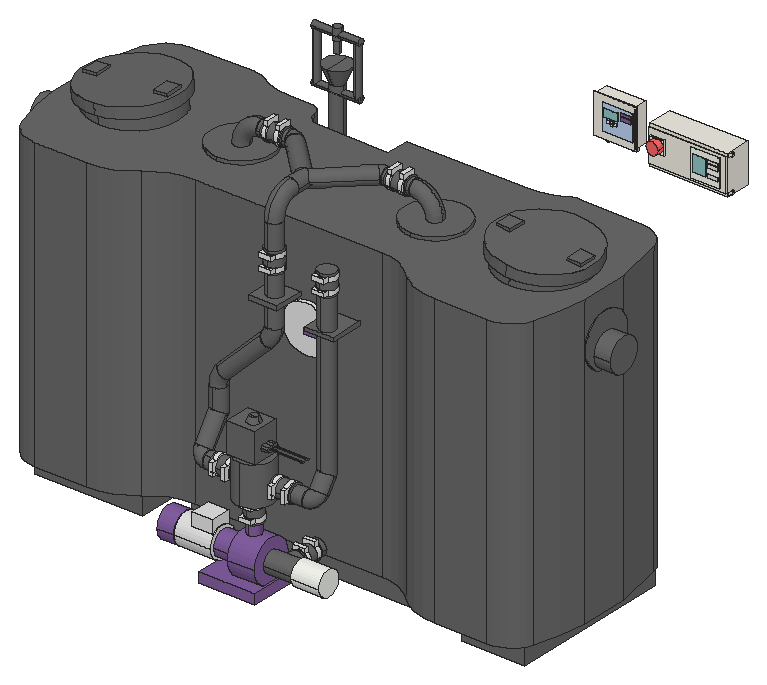
Revit family "93010.02_pvs 0", category Generic Models, Revit 2021
Family settings
  Can host rebar = No
  Round Connector Dimension = Use Diameter
  Part Type = Normal
  Work Plane-Based = No
  Always vertical = Yes
  Cut with Voids When Loaded = No
  Shared = Yes
  Room Calculation Point = No
Parameters (values of type "93010.02_PVS")
  SUPPLIER = "KESSEL"
  SA810ID06 = "4026092065105"
  SA810ID03 = "93010.02/PVS"
  SA71009ID06 = 3000 W
  SA71009ID05 = 3600 W
  SA71009ID04 = 1
  SA700ID17 = 1255 mm
  SA700ID14 = "ohne Angabe"
  SA700ID13 = 70 mm
  SA700ID09 = 1678 mm
  SA700ID08 = 940 mm
  SA700ID07 = 2590 mm
  SA700ID06 = 1000
  SA700ID05 = 10
  SA700ID04 = "Grease separator EasyClean free NS 10, Auto Mix & Pump, SonicControl"
  SA500ID03 = "Sludge trap, integrated"
  SA400ID03 = "PE (Polyethylen)"
  SA250ID03 = "temperierte Umhausung"
  SA200ID03 = "free-standing set-up"
  SA100ID04 = "Abscheideranlage für Fette (Schlammfang und Fettabscheider)"
  PROCUREWEBLINK = "https://p.caden.as/kessel/93010.02%2FPVS"
  PROCURELINK = "p.caden.as/kessel/93010.02%2FPVS"
  PROCUREDATALASTUPDATE = "2024-05-22T12:18:19.111183733+01:00"
  PRC_SPECIFICATIONLINK = "https://ausschreiben.de/catalog/kessel/catalogItem/6c2bda8d-30a5-4477-9d81-c278bfe74b06"
  NN = "EasyClean, Auto Mix & Pump grease separator"
  NBSYN = "$SA810ID03. $LODLEVEL."
  NB = "93010.02/PVS 0"
  Model = "93010.02/PVS"
  Manufacturer = "KESSEL"
  MIdent = "{$CADENAS_DATA/23d-libs/kessel/kessel_vdi_import/40/abscheideranlage20fuer20fette/easyclean_free_auto_mix_pump.prj},231 {STYP=ASS},{VTYP=3D},{NB=93010.02/PVS 0},{LINA=93010.02/PVS},{NN=EasyClean, Auto Mix & Pump grease separator},{DATE=20.12.2022 10:10:54},{GEOMDATE=17.11.2022 09:57:06},{VERSION=},{LINEID=100},{WBVAR=LODLEVEL},{WBNUMERIC=LODLEVEL}  {NB=93010.02/PVS 0},{LINA=93010.02/PVS},{KT=DUMMY},{PREVIEW=../../bilder/ksb_w_9301002pvs.png},{SA700ID04=Fettabscheider EasyClean free NS 10, Auto Mix & Pump, SonicControl},{SA810ID06=4026092065105},{SA010ID04=KESSEL AG},{SA810ID03=93010.02/PVS},{SA100ID04=Abscheideranlage für Fette (Schlammfang und Fettabscheider)},{SA200ID03=Freiaufstellung},{SA400ID03=PE (Polyethylen)},{SA500ID03=Schlammfang integriert},{SA700ID05=10.00},{SA700ID06=1000},{SA71009ID04=1},{SA71009ID05=3.60},{SA71009ID06=3.00},{SA250ID03=temperierte Umhausung},{SA700ID07=2590},{SA700ID09=1678},{SA700ID13=70},{SA700ID17=1255},{SA700ID08=940},{SA810ID10=\\\"Der Abscheider für fetthaltiges Abwasser ist für die freie Aufstellung in frostgeschützten Räumen geeignet und verzichtet auf metallische Bauteile im Behälter. Der Sammelbehälter aus dauerhaft beständigem Kunststoff (PE) ist mit einem integrierten Schlammfang ausgestattet und besitzt ein konisch zulaufendes Bodenteil für eine schnelle und saubere Entsorgung. Zwei geruchsdichte Deckel mit Schnellspannverschlüssen ermöglichen einen einfachen Zugang für Reinigungs- und Wartungsarbeiten.Das innovative Schredder-Mix-System mit integriertem Zerhacker übernimmt die Homogenisierung und Umwälzung des Behälterinhaltes. Die Reinigung und geruchsneutrale Entsorgung erfolgt dabei über eine außenliegende Pumpe mit 2-Wege-Ventil und Stellmotor, die mit einem Absperrschieber vom Behälter getrennt werden kann.Der vollautomatische Programmablauf wird durch ein anwenderfreundliches Schaltgerät mit mehrzeiliger Displayanzeige gesteuert, das über einen potentialfreien Kontakt in die Gebäudeleittechnik eingebunden werden kann. Über eine optional erhältliche Fernbedienung kann die Reinigung und Entsorgung von einer entfernten Stelle aus gestartet werden.Durch das individualisierbare Reinigungsprogramm mit Schnellwahlfunktion kann die Reinigung bedarfsgerecht an die örtlichen Gegebenheiten angepasst werden. Nach der Entsorgung sind nur noch max. 3 Liter Schlammrestvolumen im Behälter vorhanden. Mithilfe einer vollautomatisierten Spülung der Trinkwasserleitungen kann die Einhaltung der Trinkwasser-Hygiene-Verordnung gewährleistet werden.Gewährleistung auf den Werkstoff PE 20 Jahre.Ausführung:Absperreinrichtung: jaEntsorgungsart: automatisches Entsorgungs- und ReinigungssystemEntsorgungseinrichtung: EntsorgungspumpeEntsorgungsvariante: Auto Mix & PumpFülleinrichtung nach DIN 1988: jaNenngröße (NS): 10Schauglas: jaSchredder-Mix-System: jaSonicControl: jaWasserversorgung: 2 Magnetventile 1\\\"\\\"Tragfähigkeit (DIN 19901): F3Lieferumfang: Storz-B-Kupplung R 2 1/2 \\\"\\\" für SaugwagenanschlussEinbausituation: freie AufstellungAllgemeine Merkmale:Material: PENorm: EN 1825: 2004, DIN 4040-100Abmessungen:Aufstellfläche Länge: 2.822 mmAufstellfläche Breite: 1.108 mmAufstellfläche Höhe: 1.932 mmEinbringmaß Länge: 2.590 mmEinbringmaß Breite: 940 mmEinbringmaß Höhe: 1.678 mmBehälter/Grundkörper:Zulauf Nennweite (DN): 150 mmZulauf Nennweite (DA): 160 mmAuslauf Nennweite (DN): 150Auslauf Nennweite (DA): 160Abstand Rohrsohle Zulauf zu Behälterboden: 1.255 mmAbstand Rohrsohle Auslauf zu Behälterboden: 1.185 mmAnschluss Zu-/Auslaufstutzen: PE-HD-Rohre nach DIN 19537, HT-Rohre nach DIN 19560, PP oder ASDruckabgang (DA): 75 mmDruckabgang (DN): 65 mmNenndruck (PN): 10Abdeckungsmerkmale:Abdeckungsart: DeckelAbdeckung Material: KunststoffAbdeckung Farbe: violettDichtheit: geruchsdichtVerriegelung: SchnellspannverschlussAbwasserinhalt:Abscheiderinhalt: 900 lGesamtvolumen: 1.900 lSchlammfanginhalt: 1.000 lSpeichermenge an Fett: 400 lFördereinrichtung:Pumpe: SPF 300 KE 2.0Anzahl Pumpen: 1Förderhöhe max.: 17 mFörderleistung max.: 60 m3/hBetriebsspannung: 400 VNetzfrequenz: 50 HzBetriebsart: S2 - 30 Min.Leistung P1: 3,6 kWLeistung P2: 3 kWDrehzahl: 2.850 U/minErforderliche Absicherung (Leitungsschutz): Absicherung über Schaltgerät 400 VFörderguttemperatur (dauerhaft) max.: 40 °CAnschlusstyp: DirektanschlussGewicht: 44 kgLaufrad Typ: Radiallaufrad mit ZerhackerLänge Netzanschlussleitung Pumpe: 5 mNennstrom: 6,2 ASchutzart Pumpe: IP 55Schutzklasse: ITyp Anschlussleitung Pumpe: H07RN-F 7G 1,5 mm2Temperaturüberwachung: integriertSteuerung:Schaltgerät: jaBetriebsspannung: 400 VNetzfrequenz: 50 HzSelbstdiagnosesystem (SDS): jaBatteriepufferung: neinMehrzeilige Displayanzeige: jaLogbuchfunktion: jaUSB-Schnittstelle: jaGSM-Schnittstelle: neinPotentialfreier Kontakt: jaErforderliche Absicherung (Leitungsschutz): C 16 AErforderliche Absicherung (RCD): 30 mAMotorschutz Schalter: jaSchutzart Schaltgerät: IP 54\\\"},{SA700ID14=ohne Angabe},{LODLEVEL=0},{CATEGORY3AA=EasyClean free Auto Mix & Pump},{CATEGORY3AB=},{CATEGORY3AC=},{CATEGORY3AD=},{CATEGORY3AE=},{CATEGORY3AF=},{BEZEICHNUNG=},{BREITE=0.0},{TIEFE=MIN},{HOEHE=MIN},{MASSE=MIN},{LOD_=0,'Low'},{LOD_DEU=0,'Low'},{LOD_3DB=93010.02/PVS_0},{DNIN1=150},{DNIN2=10},{DNIN3=10},{DNIN4=10},{DNIN5=10},{DNIN6=10},{DNIN7=MIN},{DNOUT1=150},{DNOUT2=50},{ISD=80},{ISD2=10},{SA960ID03=89},{SA960ID04=3L},{SA960ID08=http://www.kessel.de/info?han=93010.02/PVS},{SA010ID01=010},{SA010ID02=40},{SA010ID06=www.kessel.de},{SA010ID08=4026092000007},{SA100ID01=100},{SA100ID02=1},{SA740ID01=740},{SA200ID01=200},{SA200ID02=1},{SA250ID01=250},{SA250ID02=1},{SA400ID01=400},{SA400ID02=1},{SA500ID01=500},{SA500ID02=1},{SA700ID01=700},{SA700ID02=89},{SA700ID14_=0},{SA71009ID01=710.09},{SA71009ID02=1},{SA71009ID03=SPF 300 KE 2.0},{SA71009ID07=IP55},{SA71009ID08=1},{SA71009ID09=1},{SA71009ID10=60},{SA71009ID11=17},{SA810ID01=810},{SA810ID02=89},{SA810ID04=93010.02/PVS},{SA810ID07=89},{SA810ID14=PCE},{LINK=http://www.kessel.de/info?han=93010.02/PVS},{LINK_=http://www.kessel.de/info?han=93010.02/PVS},{LINK_DEU=http://www.kessel.de/info?han=93010.02/PVS}"
  LINK = "http://www.kessel.de/info?han=93010.02/PVS"
  LINA = "93010.02/PVS"
  Default Elevation = 0 mm
  CREATOR = "CADENAS GmbH"
  CATALOG = "KESSEL"
  BOMINFO = "LINA"
  ARTICLENO = "NB"
Reference planes
  plane 1 "Center (Front/Back)": y = 0
  plane 2: z = 0
  plane 3 "Center (Left/Right)": x = 0
Dimensions and locks
  aligned and locked: level to plane 2
Nested families
  nested 1: "93010.02_pvs 0_content" at (0, 0, 0), type "93010.02_PVS 0_Content"
  nested 2: "93010.02_pvs 0_part1_X0Y0" at (1000, 1000, 1500), type "93010.02_PVS_PART1_X0Y0"
  nested 3: "93010.02_pvs 0_part2_X0Y0" at (600, 1000, 1500), type "93010.02_PVS_PART2_X0Y0"
  nested 4: "93010.02_pvs 0_part3_X0Y0" at (0, 0, 0), type "93010.02_PVS_PART3_X0Y0"
Connectors
  electrical at (859.25, 933.5, 1478)
    settings: on nested 2, index 1, voltage 230 V, apparent load 0 VA, apparent load phase1 0 VA, apparent load phase2 0 VA, apparent load phase3 0 VA, power factor 1, load classification "Other", number of poles 3, system type 31, power factor state 1, is connector primary yes, connector utility no, sub classification motor no, connector description ""
  electrical at (536, 972.5, 1469)
    settings: on nested 3, index 2, voltage 0 V, apparent load 0 VA, apparent load phase1 0 VA, apparent load phase2 0 VA, apparent load phase3 0 VA, power factor 1, load classification "Other", number of poles 1, system type 31, power factor state 1, is connector primary no, connector utility no, sub classification motor no, connector description ""
  piping at (-1440.29, 0, 1336), diameter 150
    settings: on nested 4, index 3, connector inside diameter 609.6 mm, connector length 0 mm, flow factor 0, pipe flow 0.0 L/s, pressure drop 0.0 Pa, fitting loss kfactor 0, connector angle 0.00°, fixture units 0, engagement length 0 mm, angle of deflection 0.00°, flow configuration 0, flow direction 1, fitting loss method 2, system type 8, joint type 0, gender type 0, connector reference index -1, connector utility 0, adjustable connector no, is connector primary yes, connector description ""
  piping at (1387.19, 0, 1265), diameter 150
    settings: on nested 4, index 4, connector inside diameter 609.6 mm, connector length 0 mm, flow factor 0, pipe flow 0.0 L/s, pressure drop 0.0 Pa, fitting loss kfactor 0, connector angle 0.00°, fixture units 0, engagement length 0 mm, angle of deflection 0.00°, flow configuration 0, flow direction 2, fitting loss method 2, system type 7, joint type 0, gender type 0, connector reference index -1, connector utility 0, adjustable connector no, is connector primary no, connector description ""
  piping at (-305, 374, 1937.9), diameter 50
    settings: on nested 4, index 5, connector inside diameter 609.6 mm, connector length 0 mm, flow factor 0, pipe flow 0.0 L/s, pressure drop 0.0 Pa, fitting loss kfactor 0, connector angle 0.00°, fixture units 0, engagement length 0 mm, angle of deflection 0.00°, flow configuration 0, flow direction 2, fitting loss method 2, system type 7, joint type 0, gender type 0, connector reference index -1, connector utility 0, adjustable connector no, is connector primary no, connector description ""
  piping at (290, -432.5, 1442), diameter 50
    settings: on nested 4, index 6, connector inside diameter 609.6 mm, connector length 0 mm, flow factor 0, pipe flow 0.0 L/s, pressure drop 0.0 Pa, fitting loss kfactor 0, connector angle 0.00°, fixture units 0, engagement length 0 mm, angle of deflection 0.00°, flow configuration 0, flow direction 2, fitting loss method 2, system type 7, joint type 0, gender type 0, connector reference index -1, connector utility 0, adjustable connector no, is connector primary no, connector description ""
  electrical at (-212, -514.5, 248.5)
    settings: on nested 4, index 7, voltage 0 V, apparent load 0 VA, apparent load phase1 0 VA, apparent load phase2 0 VA, apparent load phase3 0 VA, power factor 1, load classification "Other", number of poles 1, system type 31, power factor state 1, is connector primary no, connector utility no, sub classification motor no, connector description ""
Definition of nested family "93010.02_pvs 0_part1_X0Y0"
  Parameters (values of type "93010.02_PVS_PART1_X0Y0")
    SUPPLIER = "KESSEL"
    SA810ID06 = "4026092065105"
    SA810ID03 = "93010.02/PVS"
    SA71009ID06 = 3000 W
    SA71009ID05 = 3600 W
    SA71009ID04 = 1
    SA700ID17 = 1255 mm
    SA700ID14 = "ohne Angabe"
    SA700ID13 = 70 mm
    SA700ID09 = 1678 mm
    SA700ID08 = 940 mm
    SA700ID07 = 2590 mm
    SA700ID06 = 1000
    SA700ID05 = 10
    SA700ID04 = "Grease separator EasyClean free NS 10, Auto Mix & Pump, SonicControl"
    SA500ID03 = "Sludge trap, integrated"
    SA400ID03 = "PE (Polyethylen)"
    SA250ID03 = "temperierte Umhausung"
    SA200ID03 = "free-standing set-up"
    SA100ID04 = "Abscheideranlage für Fette (Schlammfang und Fettabscheider)"
    NBSYN = "$SA810ID03. $LODLEVEL._PART1"
    NB = "93010.02/PVS 0_PART1"
    Model = "93010.02/PVS_PART1"
    Manufacturer = "KESSEL"
    MIdent = "{$CADENAS_DATA/23d-libs/kessel/kessel_vdi_import/40/abscheideranlage20fuer20fette/easyclean_free_auto_mix_pump.prj},251 {VTYP=3D},{NB=93010.02/PVS 0_PART1},{LINA=93010.02/PVS_PART1},{NN=EasyClean, Auto Mix & Pump grease separator_PART1},{NOPRJ=TRUE},{DATE=20.12.2022 10:10:54},{GEOMDATE=17.11.2022 09:57:06},{VERSION=},{LINEID=100},{WBVAR=LODLEVEL},{WBNUMERIC=LODLEVEL}  {NB=93010.02/PVS 0_PART1},{LINA=93010.02/PVS_PART1},{KT=DUMMY},{PREVIEW=../../bilder/ksb_w_9301002pvs.png},{SA700ID04=Fettabscheider EasyClean free NS 10, Auto Mix & Pump, SonicControl},{SA810ID06=4026092065105},{SA010ID04=KESSEL AG},{SA810ID03=93010.02/PVS},{SA100ID04=Abscheideranlage für Fette (Schlammfang und Fettabscheider)},{SA200ID03=Freiaufstellung},{SA400ID03=PE (Polyethylen)},{SA500ID03=Schlammfang integriert},{SA700ID05=10.00},{SA700ID06=1000},{SA71009ID04=1},{SA71009ID05=3.60},{SA71009ID06=3.00},{SA250ID03=temperierte Umhausung},{SA700ID07=2590},{SA700ID09=1678},{SA700ID13=70},{SA700ID17=1255},{SA700ID08=940},{SA810ID10=\\\"Der Abscheider für fetthaltiges Abwasser ist für die freie Aufstellung in frostgeschützten Räumen geeignet und verzichtet auf metallische Bauteile im Behälter. Der Sammelbehälter aus dauerhaft beständigem Kunststoff (PE) ist mit einem integrierten Schlammfang ausgestattet und besitzt ein konisch zulaufendes Bodenteil für eine schnelle und saubere Entsorgung. Zwei geruchsdichte Deckel mit Schnellspannverschlüssen ermöglichen einen einfachen Zugang für Reinigungs- und Wartungsarbeiten.Das innovative Schredder-Mix-System mit integriertem Zerhacker übernimmt die Homogenisierung und Umwälzung des Behälterinhaltes. Die Reinigung und geruchsneutrale Entsorgung erfolgt dabei über eine außenliegende Pumpe mit 2-Wege-Ventil und Stellmotor, die mit einem Absperrschieber vom Behälter getrennt werden kann.Der vollautomatische Programmablauf wird durch ein anwenderfreundliches Schaltgerät mit mehrzeiliger Displayanzeige gesteuert, das über einen potentialfreien Kontakt in die Gebäudeleittechnik eingebunden werden kann. Über eine optional erhältliche Fernbedienung kann die Reinigung und Entsorgung von einer entfernten Stelle aus gestartet werden.Durch das individualisierbare Reinigungsprogramm mit Schnellwahlfunktion kann die Reinigung bedarfsgerecht an die örtlichen Gegebenheiten angepasst werden. Nach der Entsorgung sind nur noch max. 3 Liter Schlammrestvolumen im Behälter vorhanden. Mithilfe einer vollautomatisierten Spülung der Trinkwasserleitungen kann die Einhaltung der Trinkwasser-Hygiene-Verordnung gewährleistet werden.Gewährleistung auf den Werkstoff PE 20 Jahre.Ausführung:Absperreinrichtung: jaEntsorgungsart: automatisches Entsorgungs- und ReinigungssystemEntsorgungseinrichtung: EntsorgungspumpeEntsorgungsvariante: Auto Mix & PumpFülleinrichtung nach DIN 1988: jaNenngröße (NS): 10Schauglas: jaSchredder-Mix-System: jaSonicControl: jaWasserversorgung: 2 Magnetventile 1\\\"\\\"Tragfähigkeit (DIN 19901): F3Lieferumfang: Storz-B-Kupplung R 2 1/2 \\\"\\\" für SaugwagenanschlussEinbausituation: freie AufstellungAllgemeine Merkmale:Material: PENorm: EN 1825: 2004, DIN 4040-100Abmessungen:Aufstellfläche Länge: 2.822 mmAufstellfläche Breite: 1.108 mmAufstellfläche Höhe: 1.932 mmEinbringmaß Länge: 2.590 mmEinbringmaß Breite: 940 mmEinbringmaß Höhe: 1.678 mmBehälter/Grundkörper:Zulauf Nennweite (DN): 150 mmZulauf Nennweite (DA): 160 mmAuslauf Nennweite (DN): 150Auslauf Nennweite (DA): 160Abstand Rohrsohle Zulauf zu Behälterboden: 1.255 mmAbstand Rohrsohle Auslauf zu Behälterboden: 1.185 mmAnschluss Zu-/Auslaufstutzen: PE-HD-Rohre nach DIN 19537, HT-Rohre nach DIN 19560, PP oder ASDruckabgang (DA): 75 mmDruckabgang (DN): 65 mmNenndruck (PN): 10Abdeckungsmerkmale:Abdeckungsart: DeckelAbdeckung Material: KunststoffAbdeckung Farbe: violettDichtheit: geruchsdichtVerriegelung: SchnellspannverschlussAbwasserinhalt:Abscheiderinhalt: 900 lGesamtvolumen: 1.900 lSchlammfanginhalt: 1.000 lSpeichermenge an Fett: 400 lFördereinrichtung:Pumpe: SPF 300 KE 2.0Anzahl Pumpen: 1Förderhöhe max.: 17 mFörderleistung max.: 60 m3/hBetriebsspannung: 400 VNetzfrequenz: 50 HzBetriebsart: S2 - 30 Min.Leistung P1: 3,6 kWLeistung P2: 3 kWDrehzahl: 2.850 U/minErforderliche Absicherung (Leitungsschutz): Absicherung über Schaltgerät 400 VFörderguttemperatur (dauerhaft) max.: 40 °CAnschlusstyp: DirektanschlussGewicht: 44 kgLaufrad Typ: Radiallaufrad mit ZerhackerLänge Netzanschlussleitung Pumpe: 5 mNennstrom: 6,2 ASchutzart Pumpe: IP 55Schutzklasse: ITyp Anschlussleitung Pumpe: H07RN-F 7G 1,5 mm2Temperaturüberwachung: integriertSteuerung:Schaltgerät: jaBetriebsspannung: 400 VNetzfrequenz: 50 HzSelbstdiagnosesystem (SDS): jaBatteriepufferung: neinMehrzeilige Displayanzeige: jaLogbuchfunktion: jaUSB-Schnittstelle: jaGSM-Schnittstelle: neinPotentialfreier Kontakt: jaErforderliche Absicherung (Leitungsschutz): C 16 AErforderliche Absicherung (RCD): 30 mAMotorschutz Schalter: jaSchutzart Schaltgerät: IP 54\\\"},{SA700ID14=ohne Angabe},{LODLEVEL=0},{CATEGORY3AA=EasyClean free Auto Mix & Pump},{CATEGORY3AB=},{CATEGORY3AC=},{CATEGORY3AD=},{CATEGORY3AE=},{CATEGORY3AF=},{BEZEICHNUNG=},{BREITE=0.0},{TIEFE=MIN},{HOEHE=MIN},{MASSE=MIN},{LOD_=0,'Low'},{LOD_DEU=0,'Low'},{LOD_3DB=93010.02/PVS_0},{DNIN1=150},{DNIN2=10},{DNIN3=10},{DNIN4=10},{DNIN5=10},{DNIN6=10},{DNIN7=MIN},{DNOUT1=150},{DNOUT2=50},{ISD=80},{ISD2=10},{SA960ID03=89},{SA960ID04=3L},{SA960ID08=http://www.kessel.de/info?han=93010.02/PVS},{SA010ID01=010},{SA010ID02=40},{SA010ID06=www.kessel.de},{SA010ID08=4026092000007},{SA100ID01=100},{SA100ID02=1},{SA740ID01=740},{SA200ID01=200},{SA200ID02=1},{SA250ID01=250},{SA250ID02=1},{SA400ID01=400},{SA400ID02=1},{SA500ID01=500},{SA500ID02=1},{SA700ID01=700},{SA700ID02=89},{SA700ID14_=0},{SA71009ID01=710.09},{SA71009ID02=1},{SA71009ID03=SPF 300 KE 2.0},{SA71009ID07=IP55},{SA71009ID08=1},{SA71009ID09=1},{SA71009ID10=60},{SA71009ID11=17},{SA810ID01=810},{SA810ID02=89},{SA810ID04=93010.02/PVS},{SA810ID07=89},{SA810ID14=PCE},{LINK=http://www.kessel.de/info?han=93010.02/PVS},{LINK_=http://www.kessel.de/info?han=93010.02/PVS},{LINK_DEU=http://www.kessel.de/info?han=93010.02/PVS}"
    LINK = "http://www.kessel.de/info?han=93010.02/PVS"
    LINA = "93010.02/PVS_PART1"
    Default Elevation = 1219.2 mm
    CREATOR = "CADENAS GmbH"
    CATALOG = "KESSEL"
    BOMINFO = "LINA"
    ARTICLENO = "NB"
  Reference planes
    plane 1 "Center (Front/Back)": y = 0
    plane 2: z = 0
    plane 3 "Center (Left/Right)": x = 0
  Dimensions and locks
    aligned and locked: level to plane 2
  Nested families
    nested 1: "93010.02_pvs 0_part1_content" at (0, 0, 0), type "93010.02_PVS 0_PART1_Content"
  Definition of nested family "93010.02_pvs 0_part1_content"
    Parameters (values of type "93010.02_PVS 0_PART1_Content")
      SUPPLIER = "KESSEL"
      SA810ID06 = "4026092065105"
      SA810ID03 = "93010.02/PVS"
      SA71009ID06 = 3000 W
      SA71009ID05 = 3600 W
      SA71009ID04 = 1
      SA700ID17 = 1255 mm
      SA700ID14 = "ohne Angabe"
      SA700ID13 = 70 mm
      SA700ID09 = 1678 mm
      SA700ID08 = 940 mm
      SA700ID07 = 2590 mm
      SA700ID06 = 1000
      SA700ID05 = 10
      SA700ID04 = "Grease separator EasyClean free NS 10, Auto Mix & Pump, SonicControl"
      SA500ID03 = "Sludge trap, integrated"
      SA400ID03 = "PE (Polyethylen)"
      SA250ID03 = "temperierte Umhausung"
      SA200ID03 = "free-standing set-up"
      SA100ID04 = "Abscheideranlage für Fette (Schlammfang und Fettabscheider)"
      NBSYN = "$SA810ID03. $LODLEVEL._PART1"
      NB = "93010.02/PVS 0_PART1"
      Model = "93010.02/PVS_PART1"
      Manufacturer = "KESSEL"
      LINK = "http://www.kessel.de/info?han=93010.02/PVS"
      LINA = "93010.02/PVS_PART1"
      Default Elevation = 1219.2 mm
      CREATOR = "CADENAS GmbH"
      CATALOG = "KESSEL"
      BOMINFO = "LINA"
      ARTICLENO = "NB"
    Reference planes
      plane 1 "Center (Front/Back)": y = 0
      plane 2: z = 0
      plane 3 "Center (Left/Right)": x = 0
    Forms (mm)
      Extrusion 1, solid, detail levels medium+fine
        sketch origin (190.25, 0, 0) x (0, -1, 0) y (0, 0, 1)
          loop
            line (0, 188) -> (0, 0) -> (122.5, 0) -> (122.5, 188) -> (0, 188)
        from 0 to 380.5
      Extrusion 2, solid, detail levels medium+fine
        sketch origin (186.25, -122.5, 14) x (0, -1, 0) y (0, 0, 1)
          loop
            line (0, 160) -> (0, 0) -> (5, 0) -> (5, 160) -> (0, 160)
        from 0 to 376.5
      Extrusion 3, solid, detail levels medium+fine
        sketch origin (156.25, -127.5, 24.5) x (0, -1, 0) y (0, 0, 1)
          loop
            line (-1.4, 0) -> (0.2, 0) -> (0.2, 135) -> (-1.4, 135) -> (-1.4, 0)
        from 0 to 140
      Extrusion 4, solid, detail levels medium+fine
        sketch origin (88.75, -127.7, 53.5) x (0, -1, 0) y (0, 0, 1)
          loop
            line (-1.5, 79) -> (-1.5, 0) -> (0.1, 0) -> (0.1, 79) -> (-1.5, 79)
        from 0 to 65
      Extrusion 5, solid, detail levels medium+fine
        sketch origin (148.75, -127.7, 95.5) x (0, -1, 0) y (0, 0, 1)
          loop
            line (-1.5, 16) -> (-1.5, 0) -> (0.1, 0) -> (0.1, 16) -> (-1.5, 16)
        from 0 to 51
      Extrusion 6, solid, detail levels medium+fine
        sketch origin (148.75, -127.7, 53.5) x (0, -1, 0) y (0, 0, 1)
          loop
            line (-1.5, 16) -> (-1.5, 0) -> (0.1, 0) -> (0.1, 16) -> (-1.5, 16)
        from 0 to 51
      Extrusion 7, solid, detail levels medium+fine
        sketch origin (148.75, -127.7, 116.5) x (0, -1, 0) y (0, 0, 1)
          loop
            line (-1.5, 16) -> (-1.5, 0) -> (0.1, 0) -> (0.1, 16) -> (-1.5, 16)
        from 0 to 51
      Extrusion 8, solid, detail levels medium+fine
        sketch origin (9.25, -66.5, 1.5) x (0.866025, 0.5, 0) y (0.5, -0.866025, 0)
          loop
            circle (0, 0) r 10
        from 0 to 2.5
      Extrusion 9, solid, detail levels medium+fine
        sketch origin (-20.75, -66.5, 1.5) x (0.866025, 0.5, 0) y (0.5, -0.866025, 0)
          loop
            circle (0, 0) r 10
        from 0 to 2.5
      Extrusion 10, solid, detail levels medium+fine
        sketch origin (39.25, -66.5, 1.5) x (0.866025, 0.5, 0) y (0.5, -0.866025, 0)
          loop
            circle (0, 0) r 10
        from 0 to 2.5
      Extrusion 11, solid, detail levels medium+fine
        sketch origin (-50.75, -66.5, 1.5) x (0.866025, 0.5, 0) y (0.5, -0.866025, 0)
          loop
            circle (0, 0) r 10
        from 0 to 2.5
      Extrusion 12, solid, detail levels medium+fine
        sketch origin (69.25, -66.5, 1.5) x (0.866025, 0.5, 0) y (0.5, -0.866025, 0)
          loop
            circle (0, 0) r 10
        from 0 to 2.5
      Extrusion 13, solid, detail levels medium+fine
        sketch origin (99.25, -66.5, 1.5) x (0.866025, 0.5, 0) y (0.5, -0.866025, 0)
          loop
            circle (0, 0) r 10
        from 0 to 2.5
      Extrusion 14, solid, detail levels medium+fine
        sketch origin (-95.75, -66.5, 0) x (0.866025, 0.5, 0) y (0.5, -0.866025, 0)
          loop
            line (0, 17.321) -> (-15, 8.66) -> (-15, -8.66) -> (0, -17.321) -> (15, -8.66) -> (15, 8.66) -> (0, 17.321)
        from 0 to 22
      Extrusion 15, solid, detail levels medium+fine
        sketch origin (-140.75, -66.5, 0) x (0.866025, 0.5, 0) y (0.5, -0.866025, 0)
          loop
            line (0, 17.321) -> (-15, 8.66) -> (-15, -8.66) -> (0, -17.321) -> (15, -8.66) -> (15, 8.66) -> (0, 17.321)
        from 0 to 22
      Extrusion 16, solid, detail levels medium+fine
        sketch origin (-110.25, -127.5, 76.5) x (0, -1, 0) y (0, 0, 1)
          loop
            line (0, 67) -> (0, 0) -> (7, 0) -> (7, 67) -> (0, 67)
        from 0 to 67
      Extrusion 17, solid, detail levels medium+fine
        sketch origin (-143.75, -134.5, 110) x (1, 0, 0) y (0, 0, 1)
          loop
            circle (0, 0) r 29.5
        from 0 to 29
      Extrusion 18, solid, detail levels medium+fine
        sketch origin (129.25, -66.5, 1.5) x (0.866025, 0.5, 0) y (0.5, -0.866025, 0)
          loop
            circle (0, 0) r 10
        from 0 to 2.5
      Extrusion 19, solid, detail levels medium+fine
        sketch origin (-179.25, 0, 177) x (-1, 0, 0) y (0, 0, 1)
          loop
            circle (0, 0) r 7.5
        from 0 to 2
      Extrusion 20, solid, detail levels medium+fine
        sketch origin (-179.25, 0, 11) x (-1, 0, 0) y (0, 0, 1)
          loop
            circle (0, 0) r 7.5
        from 0 to 2
      Extrusion 21, solid, detail levels medium+fine
        sketch origin (179.25, 0, 11) x (-1, 0, 0) y (0, 0, 1)
          loop
            circle (0, 0) r 7.5
        from 0 to 2
      Extrusion 22, solid, detail levels medium+fine
        sketch origin (179.25, 0, 177) x (-1, 0, 0) y (0, 0, 1)
          loop
            circle (0, 0) r 7.5
        from 0 to 2
      Extrusion 23, solid, detail levels medium+fine
        sketch origin (194.75, -100.5, 170) x (-1, 0, 0) y (0, -1, 0)
          loop
            circle (0, 0) r 5
        from 0 to 14
      Extrusion 24, solid, detail levels medium+fine
        sketch origin (190.25, -100.5, 170) x (0, -1, 0) y (1, 0, 0)
          loop
            line (0, 9.5) -> (0, 0) -> (20, 0) -> (0, 9.5)
        from 0 to 14
      Extrusion 25, solid, detail levels medium+fine
        sketch origin (194.75, -100.5, 4) x (-1, 0, 0) y (0, -1, 0)
          loop
            circle (0, 0) r 5
        from 0 to 14
      Extrusion 26, solid, detail levels medium+fine
        sketch origin (190.25, -100.5, 4) x (0, -1, 0) y (1, 0, 0)
          loop
            line (0, 9.5) -> (0, 0) -> (20, 0) -> (0, 9.5)
        from 0 to 14
      Extrusion 27, solid, detail levels coarse
        sketch origin (4.75, -80.75, -22) x (1, 0, 0) y (0, 1, 0)
          loop
            line (-195, -82.75) -> (195, -82.75) -> (195, 82.75) -> (-195, 82.75) -> (-195, -82.75)
        from 0 to 210
    Dimensions and locks
      aligned and locked: level to plane 2
Definition of nested family "93010.02_pvs 0_part2_X0Y0"
  Parameters (values of type "93010.02_PVS_PART2_X0Y0")
    SUPPLIER = "KESSEL"
    SA810ID06 = "4026092065105"
    SA810ID03 = "93010.02/PVS"
    SA71009ID06 = 3000 W
    SA71009ID05 = 3600 W
    SA71009ID04 = 1
    SA700ID17 = 1255 mm
    SA700ID14 = "ohne Angabe"
    SA700ID13 = 70 mm
    SA700ID09 = 1678 mm
    SA700ID08 = 940 mm
    SA700ID07 = 2590 mm
    SA700ID06 = 1000
    SA700ID05 = 10
    SA700ID04 = "Grease separator EasyClean free NS 10, Auto Mix & Pump, SonicControl"
    SA500ID03 = "Sludge trap, integrated"
    SA400ID03 = "PE (Polyethylen)"
    SA250ID03 = "temperierte Umhausung"
    SA200ID03 = "free-standing set-up"
    SA100ID04 = "Abscheideranlage für Fette (Schlammfang und Fettabscheider)"
    NBSYN = "$SA810ID03. $LODLEVEL._PART2"
    NB = "93010.02/PVS 0_PART2"
    Model = "93010.02/PVS_PART2"
    Manufacturer = "KESSEL"
    MIdent = "{$CADENAS_DATA/23d-libs/kessel/kessel_vdi_import/40/abscheideranlage20fuer20fette/easyclean_free_auto_mix_pump.prj},251 {VTYP=3D},{NB=93010.02/PVS 0_PART2},{LINA=93010.02/PVS_PART2},{NN=EasyClean, Auto Mix & Pump grease separator_PART2},{NOPRJ=TRUE},{DATE=20.12.2022 10:10:54},{GEOMDATE=17.11.2022 09:57:06},{VERSION=},{LINEID=100},{WBVAR=LODLEVEL},{WBNUMERIC=LODLEVEL}  {NB=93010.02/PVS 0_PART2},{LINA=93010.02/PVS_PART2},{KT=DUMMY},{PREVIEW=../../bilder/ksb_w_9301002pvs.png},{SA700ID04=Fettabscheider EasyClean free NS 10, Auto Mix & Pump, SonicControl},{SA810ID06=4026092065105},{SA010ID04=KESSEL AG},{SA810ID03=93010.02/PVS},{SA100ID04=Abscheideranlage für Fette (Schlammfang und Fettabscheider)},{SA200ID03=Freiaufstellung},{SA400ID03=PE (Polyethylen)},{SA500ID03=Schlammfang integriert},{SA700ID05=10.00},{SA700ID06=1000},{SA71009ID04=1},{SA71009ID05=3.60},{SA71009ID06=3.00},{SA250ID03=temperierte Umhausung},{SA700ID07=2590},{SA700ID09=1678},{SA700ID13=70},{SA700ID17=1255},{SA700ID08=940},{SA810ID10=\\\"Der Abscheider für fetthaltiges Abwasser ist für die freie Aufstellung in frostgeschützten Räumen geeignet und verzichtet auf metallische Bauteile im Behälter. Der Sammelbehälter aus dauerhaft beständigem Kunststoff (PE) ist mit einem integrierten Schlammfang ausgestattet und besitzt ein konisch zulaufendes Bodenteil für eine schnelle und saubere Entsorgung. Zwei geruchsdichte Deckel mit Schnellspannverschlüssen ermöglichen einen einfachen Zugang für Reinigungs- und Wartungsarbeiten.Das innovative Schredder-Mix-System mit integriertem Zerhacker übernimmt die Homogenisierung und Umwälzung des Behälterinhaltes. Die Reinigung und geruchsneutrale Entsorgung erfolgt dabei über eine außenliegende Pumpe mit 2-Wege-Ventil und Stellmotor, die mit einem Absperrschieber vom Behälter getrennt werden kann.Der vollautomatische Programmablauf wird durch ein anwenderfreundliches Schaltgerät mit mehrzeiliger Displayanzeige gesteuert, das über einen potentialfreien Kontakt in die Gebäudeleittechnik eingebunden werden kann. Über eine optional erhältliche Fernbedienung kann die Reinigung und Entsorgung von einer entfernten Stelle aus gestartet werden.Durch das individualisierbare Reinigungsprogramm mit Schnellwahlfunktion kann die Reinigung bedarfsgerecht an die örtlichen Gegebenheiten angepasst werden. Nach der Entsorgung sind nur noch max. 3 Liter Schlammrestvolumen im Behälter vorhanden. Mithilfe einer vollautomatisierten Spülung der Trinkwasserleitungen kann die Einhaltung der Trinkwasser-Hygiene-Verordnung gewährleistet werden.Gewährleistung auf den Werkstoff PE 20 Jahre.Ausführung:Absperreinrichtung: jaEntsorgungsart: automatisches Entsorgungs- und ReinigungssystemEntsorgungseinrichtung: EntsorgungspumpeEntsorgungsvariante: Auto Mix & PumpFülleinrichtung nach DIN 1988: jaNenngröße (NS): 10Schauglas: jaSchredder-Mix-System: jaSonicControl: jaWasserversorgung: 2 Magnetventile 1\\\"\\\"Tragfähigkeit (DIN 19901): F3Lieferumfang: Storz-B-Kupplung R 2 1/2 \\\"\\\" für SaugwagenanschlussEinbausituation: freie AufstellungAllgemeine Merkmale:Material: PENorm: EN 1825: 2004, DIN 4040-100Abmessungen:Aufstellfläche Länge: 2.822 mmAufstellfläche Breite: 1.108 mmAufstellfläche Höhe: 1.932 mmEinbringmaß Länge: 2.590 mmEinbringmaß Breite: 940 mmEinbringmaß Höhe: 1.678 mmBehälter/Grundkörper:Zulauf Nennweite (DN): 150 mmZulauf Nennweite (DA): 160 mmAuslauf Nennweite (DN): 150Auslauf Nennweite (DA): 160Abstand Rohrsohle Zulauf zu Behälterboden: 1.255 mmAbstand Rohrsohle Auslauf zu Behälterboden: 1.185 mmAnschluss Zu-/Auslaufstutzen: PE-HD-Rohre nach DIN 19537, HT-Rohre nach DIN 19560, PP oder ASDruckabgang (DA): 75 mmDruckabgang (DN): 65 mmNenndruck (PN): 10Abdeckungsmerkmale:Abdeckungsart: DeckelAbdeckung Material: KunststoffAbdeckung Farbe: violettDichtheit: geruchsdichtVerriegelung: SchnellspannverschlussAbwasserinhalt:Abscheiderinhalt: 900 lGesamtvolumen: 1.900 lSchlammfanginhalt: 1.000 lSpeichermenge an Fett: 400 lFördereinrichtung:Pumpe: SPF 300 KE 2.0Anzahl Pumpen: 1Förderhöhe max.: 17 mFörderleistung max.: 60 m3/hBetriebsspannung: 400 VNetzfrequenz: 50 HzBetriebsart: S2 - 30 Min.Leistung P1: 3,6 kWLeistung P2: 3 kWDrehzahl: 2.850 U/minErforderliche Absicherung (Leitungsschutz): Absicherung über Schaltgerät 400 VFörderguttemperatur (dauerhaft) max.: 40 °CAnschlusstyp: DirektanschlussGewicht: 44 kgLaufrad Typ: Radiallaufrad mit ZerhackerLänge Netzanschlussleitung Pumpe: 5 mNennstrom: 6,2 ASchutzart Pumpe: IP 55Schutzklasse: ITyp Anschlussleitung Pumpe: H07RN-F 7G 1,5 mm2Temperaturüberwachung: integriertSteuerung:Schaltgerät: jaBetriebsspannung: 400 VNetzfrequenz: 50 HzSelbstdiagnosesystem (SDS): jaBatteriepufferung: neinMehrzeilige Displayanzeige: jaLogbuchfunktion: jaUSB-Schnittstelle: jaGSM-Schnittstelle: neinPotentialfreier Kontakt: jaErforderliche Absicherung (Leitungsschutz): C 16 AErforderliche Absicherung (RCD): 30 mAMotorschutz Schalter: jaSchutzart Schaltgerät: IP 54\\\"},{SA700ID14=ohne Angabe},{LODLEVEL=0},{CATEGORY3AA=EasyClean free Auto Mix & Pump},{CATEGORY3AB=},{CATEGORY3AC=},{CATEGORY3AD=},{CATEGORY3AE=},{CATEGORY3AF=},{BEZEICHNUNG=},{BREITE=0.0},{TIEFE=MIN},{HOEHE=MIN},{MASSE=MIN},{LOD_=0,'Low'},{LOD_DEU=0,'Low'},{LOD_3DB=93010.02/PVS_0},{DNIN1=150},{DNIN2=10},{DNIN3=10},{DNIN4=10},{DNIN5=10},{DNIN6=10},{DNIN7=MIN},{DNOUT1=150},{DNOUT2=50},{ISD=80},{ISD2=10},{SA960ID03=89},{SA960ID04=3L},{SA960ID08=http://www.kessel.de/info?han=93010.02/PVS},{SA010ID01=010},{SA010ID02=40},{SA010ID06=www.kessel.de},{SA010ID08=4026092000007},{SA100ID01=100},{SA100ID02=1},{SA740ID01=740},{SA200ID01=200},{SA200ID02=1},{SA250ID01=250},{SA250ID02=1},{SA400ID01=400},{SA400ID02=1},{SA500ID01=500},{SA500ID02=1},{SA700ID01=700},{SA700ID02=89},{SA700ID14_=0},{SA71009ID01=710.09},{SA71009ID02=1},{SA71009ID03=SPF 300 KE 2.0},{SA71009ID07=IP55},{SA71009ID08=1},{SA71009ID09=1},{SA71009ID10=60},{SA71009ID11=17},{SA810ID01=810},{SA810ID02=89},{SA810ID04=93010.02/PVS},{SA810ID07=89},{SA810ID14=PCE},{LINK=http://www.kessel.de/info?han=93010.02/PVS},{LINK_=http://www.kessel.de/info?han=93010.02/PVS},{LINK_DEU=http://www.kessel.de/info?han=93010.02/PVS}"
    LINK = "http://www.kessel.de/info?han=93010.02/PVS"
    LINA = "93010.02/PVS_PART2"
    Default Elevation = 1219.2 mm
    CREATOR = "CADENAS GmbH"
    CATALOG = "KESSEL"
    BOMINFO = "LINA"
    ARTICLENO = "NB"
  Reference planes
    plane 1 "Center (Front/Back)": y = 0
    plane 2: z = 0
    plane 3 "Center (Left/Right)": x = 0
  Dimensions and locks
    aligned and locked: level to plane 2
  Nested families
    nested 1: "93010.02_pvs 0_part2_content" at (0, 0, 0), type "93010.02_PVS 0_PART2_Content"
  Definition of nested family "93010.02_pvs 0_part2_content"
    Parameters (values of type "93010.02_PVS 0_PART2_Content")
      SUPPLIER = "KESSEL"
      SA810ID06 = "4026092065105"
      SA810ID03 = "93010.02/PVS"
      SA71009ID06 = 3000 W
      SA71009ID05 = 3600 W
      SA71009ID04 = 1
      SA700ID17 = 1255 mm
      SA700ID14 = "ohne Angabe"
      SA700ID13 = 70 mm
      SA700ID09 = 1678 mm
      SA700ID08 = 940 mm
      SA700ID07 = 2590 mm
      SA700ID06 = 1000
      SA700ID05 = 10
      SA700ID04 = "Grease separator EasyClean free NS 10, Auto Mix & Pump, SonicControl"
      SA500ID03 = "Sludge trap, integrated"
      SA400ID03 = "PE (Polyethylen)"
      SA250ID03 = "temperierte Umhausung"
      SA200ID03 = "free-standing set-up"
      SA100ID04 = "Abscheideranlage für Fette (Schlammfang und Fettabscheider)"
      NBSYN = "$SA810ID03. $LODLEVEL._PART2"
      NB = "93010.02/PVS 0_PART2"
      Model = "93010.02/PVS_PART2"
      Manufacturer = "KESSEL"
      LINK = "http://www.kessel.de/info?han=93010.02/PVS"
      LINA = "93010.02/PVS_PART2"
      Default Elevation = 1219.2 mm
      CREATOR = "CADENAS GmbH"
      CATALOG = "KESSEL"
      BOMINFO = "LINA"
      ARTICLENO = "NB"
    Reference planes
      plane 1 "Center (Front/Back)": y = 0
      plane 2: z = 0
      plane 3 "Center (Left/Right)": x = 0
    Forms (mm)
      Extrusion 1, solid, detail levels medium+fine
        sketch origin (94, 0, 5) x (0, -1, 0) y (0, 0, 1)
          loop
            line (0, 184) -> (0, 0) -> (64.5, 0) -> (64.5, 184) -> (0, 184)
        from 0 to 188
      Extrusion 2, solid, detail levels medium+fine
        sketch origin (104, -64.5, 0) x (0, -1, 0) y (0, 0, 1)
          loop
            line (0, 194) -> (0, 0) -> (3.5, 0) -> (3.5, 194) -> (0, 194)
        from 0 to 208
      Extrusion 3, solid, detail levels medium+fine
        sketch origin (86.3, -68, 33.2) x (0, -1, 0) y (0, 0, 1)
          loop
            line (-0.5, 127) -> (-0.5, 0) -> (1, 0) -> (1, 127) -> (-0.5, 127)
        from 0 to 146
      Extrusion 4, solid, detail levels medium+fine
        sketch origin (6.8, -69, 77.2) x (0, -1, 0) y (0, 0, 1)
          loop
            line (-0.5, 12) -> (-0.5, 0) -> (1, 0) -> (1, 12) -> (-0.5, 12)
        from 0 to 12
      Extrusion 5, solid, detail levels medium+fine
        sketch origin (-9.7, -69, 85.45) x (0, -1, 0) y (0, 0, 1)
          loop
            line (-0.5, 12) -> (-0.5, 0) -> (1, 0) -> (1, 12) -> (-0.5, 12)
        from 0 to 12
      Extrusion 6, solid, detail levels medium+fine
        sketch origin (-9.7, -69, 68.95) x (0, -1, 0) y (0, 0, 1)
          loop
            line (-0.5, 12) -> (-0.5, 0) -> (1, 0) -> (1, 12) -> (-0.5, 12)
        from 0 to 12
      Extrusion 7, solid, detail levels medium+fine
        sketch origin (13.3, -69, 100.45) x (0, -1, 0) y (0, 0, 1)
          loop
            line (-0.5, 37) -> (-0.5, 0) -> (1, 0) -> (1, 37) -> (-0.5, 37)
        from 0 to 65
      Extrusion 8, solid, detail levels medium+fine
        sketch origin (78.8, -69, 110.7) x (0, -1, 0) y (0, 0, 1)
          loop
            line (-0.5, 16) -> (-0.5, 0) -> (1, 0) -> (1, 16) -> (-0.5, 16)
        from 0 to 51
      Extrusion 9, solid, detail levels medium+fine
        sketch origin (-26.2, -69, 77.2) x (0, -1, 0) y (0, 0, 1)
          loop
            line (-0.5, 12) -> (-0.5, 0) -> (1, 0) -> (1, 12) -> (-0.5, 12)
        from 0 to 12
      Extrusion 10, solid, detail levels medium+fine
        sketch origin (78.75, -69, 130.75) x (0, -1, 0) y (0, 0, 1)
          loop
            line (-0.5, 16) -> (-0.5, 0) -> (1, 0) -> (1, 16) -> (-0.5, 16)
        from 0 to 51
      Extrusion 11, solid, detail levels medium+fine
        sketch origin (-64, -27.5, 5) x (1, 0, 0) y (0, -1, 0)
          loop
            circle (0, 0) r 12
        from 0 to 26
      Extrusion 12, solid, detail levels medium+fine
        sketch origin (-64, -27.5, -21) x (1, 0, 0) y (0, -1, 0)
          loop
            circle (0, 0) r 5
        from 0 to 10
      Extrusion 13, solid, detail levels medium+fine
        sketch origin (67, -27.5, 5) x (1, 0, 0) y (0, -1, 0)
          loop
            circle (0, 0) r 12
        from 0 to 26
      Extrusion 14, solid, detail levels coarse
        sketch origin (0, -35, -31) x (1, 0, 0) y (0, 1, 0)
          loop
            line (-104, -35) -> (104, -35) -> (104, 35) -> (-104, 35) -> (-104, -35)
        from 0 to 225
    Dimensions and locks
      aligned and locked: level to plane 2
Definition of nested family "93010.02_pvs 0_part3_X0Y0"
  Parameters (values of type "93010.02_PVS_PART3_X0Y0")
    SUPPLIER = "KESSEL"
    SA810ID06 = "4026092065105"
    SA810ID03 = "93010.02/PVS"
    SA71009ID06 = 3000 W
    SA71009ID05 = 3600 W
    SA71009ID04 = 1
    SA700ID17 = 1255 mm
    SA700ID14 = "ohne Angabe"
    SA700ID13 = 70 mm
    SA700ID09 = 1678 mm
    SA700ID08 = 940 mm
    SA700ID07 = 2590 mm
    SA700ID06 = 1000
    SA700ID05 = 10
    SA700ID04 = "Grease separator EasyClean free NS 10, Auto Mix & Pump, SonicControl"
    SA500ID03 = "Sludge trap, integrated"
    SA400ID03 = "PE (Polyethylen)"
    SA250ID03 = "temperierte Umhausung"
    SA200ID03 = "free-standing set-up"
    SA100ID04 = "Abscheideranlage für Fette (Schlammfang und Fettabscheider)"
    NBSYN = "$SA810ID03. $LODLEVEL._PART3"
    NB = "93010.02/PVS 0_PART3"
    Model = "93010.02/PVS_PART3"
    Manufacturer = "KESSEL"
    MIdent = "{$CADENAS_DATA/23d-libs/kessel/kessel_vdi_import/40/abscheideranlage20fuer20fette/easyclean_free_auto_mix_pump.prj},251 {VTYP=3D},{NB=93010.02/PVS 0_PART3},{LINA=93010.02/PVS_PART3},{NN=EasyClean, Auto Mix & Pump grease separator_PART3},{NOPRJ=TRUE},{DATE=20.12.2022 10:10:54},{GEOMDATE=17.11.2022 09:57:06},{VERSION=},{LINEID=100},{WBVAR=LODLEVEL},{WBNUMERIC=LODLEVEL}  {NB=93010.02/PVS 0_PART3},{LINA=93010.02/PVS_PART3},{KT=DUMMY},{PREVIEW=../../bilder/ksb_w_9301002pvs.png},{SA700ID04=Fettabscheider EasyClean free NS 10, Auto Mix & Pump, SonicControl},{SA810ID06=4026092065105},{SA010ID04=KESSEL AG},{SA810ID03=93010.02/PVS},{SA100ID04=Abscheideranlage für Fette (Schlammfang und Fettabscheider)},{SA200ID03=Freiaufstellung},{SA400ID03=PE (Polyethylen)},{SA500ID03=Schlammfang integriert},{SA700ID05=10.00},{SA700ID06=1000},{SA71009ID04=1},{SA71009ID05=3.60},{SA71009ID06=3.00},{SA250ID03=temperierte Umhausung},{SA700ID07=2590},{SA700ID09=1678},{SA700ID13=70},{SA700ID17=1255},{SA700ID08=940},{SA810ID10=\\\"Der Abscheider für fetthaltiges Abwasser ist für die freie Aufstellung in frostgeschützten Räumen geeignet und verzichtet auf metallische Bauteile im Behälter. Der Sammelbehälter aus dauerhaft beständigem Kunststoff (PE) ist mit einem integrierten Schlammfang ausgestattet und besitzt ein konisch zulaufendes Bodenteil für eine schnelle und saubere Entsorgung. Zwei geruchsdichte Deckel mit Schnellspannverschlüssen ermöglichen einen einfachen Zugang für Reinigungs- und Wartungsarbeiten.Das innovative Schredder-Mix-System mit integriertem Zerhacker übernimmt die Homogenisierung und Umwälzung des Behälterinhaltes. Die Reinigung und geruchsneutrale Entsorgung erfolgt dabei über eine außenliegende Pumpe mit 2-Wege-Ventil und Stellmotor, die mit einem Absperrschieber vom Behälter getrennt werden kann.Der vollautomatische Programmablauf wird durch ein anwenderfreundliches Schaltgerät mit mehrzeiliger Displayanzeige gesteuert, das über einen potentialfreien Kontakt in die Gebäudeleittechnik eingebunden werden kann. Über eine optional erhältliche Fernbedienung kann die Reinigung und Entsorgung von einer entfernten Stelle aus gestartet werden.Durch das individualisierbare Reinigungsprogramm mit Schnellwahlfunktion kann die Reinigung bedarfsgerecht an die örtlichen Gegebenheiten angepasst werden. Nach der Entsorgung sind nur noch max. 3 Liter Schlammrestvolumen im Behälter vorhanden. Mithilfe einer vollautomatisierten Spülung der Trinkwasserleitungen kann die Einhaltung der Trinkwasser-Hygiene-Verordnung gewährleistet werden.Gewährleistung auf den Werkstoff PE 20 Jahre.Ausführung:Absperreinrichtung: jaEntsorgungsart: automatisches Entsorgungs- und ReinigungssystemEntsorgungseinrichtung: EntsorgungspumpeEntsorgungsvariante: Auto Mix & PumpFülleinrichtung nach DIN 1988: jaNenngröße (NS): 10Schauglas: jaSchredder-Mix-System: jaSonicControl: jaWasserversorgung: 2 Magnetventile 1\\\"\\\"Tragfähigkeit (DIN 19901): F3Lieferumfang: Storz-B-Kupplung R 2 1/2 \\\"\\\" für SaugwagenanschlussEinbausituation: freie AufstellungAllgemeine Merkmale:Material: PENorm: EN 1825: 2004, DIN 4040-100Abmessungen:Aufstellfläche Länge: 2.822 mmAufstellfläche Breite: 1.108 mmAufstellfläche Höhe: 1.932 mmEinbringmaß Länge: 2.590 mmEinbringmaß Breite: 940 mmEinbringmaß Höhe: 1.678 mmBehälter/Grundkörper:Zulauf Nennweite (DN): 150 mmZulauf Nennweite (DA): 160 mmAuslauf Nennweite (DN): 150Auslauf Nennweite (DA): 160Abstand Rohrsohle Zulauf zu Behälterboden: 1.255 mmAbstand Rohrsohle Auslauf zu Behälterboden: 1.185 mmAnschluss Zu-/Auslaufstutzen: PE-HD-Rohre nach DIN 19537, HT-Rohre nach DIN 19560, PP oder ASDruckabgang (DA): 75 mmDruckabgang (DN): 65 mmNenndruck (PN): 10Abdeckungsmerkmale:Abdeckungsart: DeckelAbdeckung Material: KunststoffAbdeckung Farbe: violettDichtheit: geruchsdichtVerriegelung: SchnellspannverschlussAbwasserinhalt:Abscheiderinhalt: 900 lGesamtvolumen: 1.900 lSchlammfanginhalt: 1.000 lSpeichermenge an Fett: 400 lFördereinrichtung:Pumpe: SPF 300 KE 2.0Anzahl Pumpen: 1Förderhöhe max.: 17 mFörderleistung max.: 60 m3/hBetriebsspannung: 400 VNetzfrequenz: 50 HzBetriebsart: S2 - 30 Min.Leistung P1: 3,6 kWLeistung P2: 3 kWDrehzahl: 2.850 U/minErforderliche Absicherung (Leitungsschutz): Absicherung über Schaltgerät 400 VFörderguttemperatur (dauerhaft) max.: 40 °CAnschlusstyp: DirektanschlussGewicht: 44 kgLaufrad Typ: Radiallaufrad mit ZerhackerLänge Netzanschlussleitung Pumpe: 5 mNennstrom: 6,2 ASchutzart Pumpe: IP 55Schutzklasse: ITyp Anschlussleitung Pumpe: H07RN-F 7G 1,5 mm2Temperaturüberwachung: integriertSteuerung:Schaltgerät: jaBetriebsspannung: 400 VNetzfrequenz: 50 HzSelbstdiagnosesystem (SDS): jaBatteriepufferung: neinMehrzeilige Displayanzeige: jaLogbuchfunktion: jaUSB-Schnittstelle: jaGSM-Schnittstelle: neinPotentialfreier Kontakt: jaErforderliche Absicherung (Leitungsschutz): C 16 AErforderliche Absicherung (RCD): 30 mAMotorschutz Schalter: jaSchutzart Schaltgerät: IP 54\\\"},{SA700ID14=ohne Angabe},{LODLEVEL=0},{CATEGORY3AA=EasyClean free Auto Mix & Pump},{CATEGORY3AB=},{CATEGORY3AC=},{CATEGORY3AD=},{CATEGORY3AE=},{CATEGORY3AF=},{BEZEICHNUNG=},{BREITE=0.0},{TIEFE=MIN},{HOEHE=MIN},{MASSE=MIN},{LOD_=0,'Low'},{LOD_DEU=0,'Low'},{LOD_3DB=93010.02/PVS_0},{DNIN1=150},{DNIN2=10},{DNIN3=10},{DNIN4=10},{DNIN5=10},{DNIN6=10},{DNIN7=MIN},{DNOUT1=150},{DNOUT2=50},{ISD=80},{ISD2=10},{SA960ID03=89},{SA960ID04=3L},{SA960ID08=http://www.kessel.de/info?han=93010.02/PVS},{SA010ID01=010},{SA010ID02=40},{SA010ID06=www.kessel.de},{SA010ID08=4026092000007},{SA100ID01=100},{SA100ID02=1},{SA740ID01=740},{SA200ID01=200},{SA200ID02=1},{SA250ID01=250},{SA250ID02=1},{SA400ID01=400},{SA400ID02=1},{SA500ID01=500},{SA500ID02=1},{SA700ID01=700},{SA700ID02=89},{SA700ID14_=0},{SA71009ID01=710.09},{SA71009ID02=1},{SA71009ID03=SPF 300 KE 2.0},{SA71009ID07=IP55},{SA71009ID08=1},{SA71009ID09=1},{SA71009ID10=60},{SA71009ID11=17},{SA810ID01=810},{SA810ID02=89},{SA810ID04=93010.02/PVS},{SA810ID07=89},{SA810ID14=PCE},{LINK=http://www.kessel.de/info?han=93010.02/PVS},{LINK_=http://www.kessel.de/info?han=93010.02/PVS},{LINK_DEU=http://www.kessel.de/info?han=93010.02/PVS}"
    LINK = "http://www.kessel.de/info?han=93010.02/PVS"
    LINA = "93010.02/PVS_PART3"
    Default Elevation = 1219.2 mm
    CREATOR = "CADENAS GmbH"
    CATALOG = "KESSEL"
    BOMINFO = "LINA"
    ARTICLENO = "NB"
  Reference planes
    plane 1 "Center (Front/Back)": y = 0
    plane 2: z = 0
    plane 3 "Center (Left/Right)": x = 0
  Dimensions and locks
    aligned and locked: level to plane 2
  Nested families
    nested 1: "93010.02_pvs 0_part3_content" at (0, 0, 0), type "93010.02_PVS 0_PART3_Content"
  Definition of nested family "93010.02_pvs 0_part3_content"
    Parameters (values of type "93010.02_PVS 0_PART3_Content")
      SUPPLIER = "KESSEL"
      SA810ID06 = "4026092065105"
      SA810ID03 = "93010.02/PVS"
      SA71009ID06 = 3000 W
      SA71009ID05 = 3600 W
      SA71009ID04 = 1
      SA700ID17 = 1255 mm
      SA700ID14 = "ohne Angabe"
      SA700ID13 = 70 mm
      SA700ID09 = 1678 mm
      SA700ID08 = 940 mm
      SA700ID07 = 2590 mm
      SA700ID06 = 1000
      SA700ID05 = 10
      SA700ID04 = "Grease separator EasyClean free NS 10, Auto Mix & Pump, SonicControl"
      SA500ID03 = "Sludge trap, integrated"
      SA400ID03 = "PE (Polyethylen)"
      SA250ID03 = "temperierte Umhausung"
      SA200ID03 = "free-standing set-up"
      SA100ID04 = "Abscheideranlage für Fette (Schlammfang und Fettabscheider)"
      NBSYN = "$SA810ID03. $LODLEVEL._PART3"
      NB = "93010.02/PVS 0_PART3"
      Model = "93010.02/PVS_PART3"
      Manufacturer = "KESSEL"
      LINK = "http://www.kessel.de/info?han=93010.02/PVS"
      LINA = "93010.02/PVS_PART3"
      Default Elevation = 1219.2 mm
      CREATOR = "CADENAS GmbH"
      CATALOG = "KESSEL"
      BOMINFO = "LINA"
      ARTICLENO = "NB"
    Reference planes
      plane 1 "Center (Front/Back)": y = 0
      plane 2: z = 0
      plane 3 "Center (Left/Right)": x = 0
    Forms (mm)
      Extrusion 1, solid, detail levels medium+fine
        sketch origin (-1191.5, -357.5, 0) x (0, 1, 0) y (0, 0, 1)
          loop
            line (0, 113) -> (0, 0) -> (792, 0) -> (792, 113) -> (0, 113)
        from 0 to 526.5
      Extrusion 2, solid, detail levels medium+fine
        sketch origin (-5.65, -0.5, 113) x (0, 1, 0) y (-1, 0, 0)
          loop
            arc (-472.5, -1105.7) -> (-443.303, -1194.677) -> (-366.96, -1248.91) r 149.737
            arc (-366.96, -1248.91) -> (-243.072, -1280.606) -> (-116.54, -1299.11) r 1215.437
            line (-116.54, -1299.11) -> (116.19, -1299.14)
            arc (116.19, -1299.14) -> (241.349, -1280.95) -> (363.95, -1249.89) r 1219.054
            arc (363.95, -1249.89) -> (438.89, -1197.718) -> (469.67, -1111.75) r 149.94
            line (469.67, -1111.75) -> (478.3, -801.71)
            arc (478.3, -801.71) -> (473.998, -772.212) -> (462.17, -744.85) r 113.58
            arc (462.17, -744.85) -> (428.883, -669.196) -> (417.5, -587.331) r 300.062
            line (417.5, -587.331) -> (417.5, -5.65) -> (302.5, -5.65) -> (308.56, 348.06)
            arc (308.56, 348.06) -> (323.647, 384.713) -> (360, 400.51) r 52.745
            arc (360, 400.51) -> (395.136, 416.85) -> (412.78, 451.35) r 59.553
            line (412.78, 451.35) -> (417.5, 576.04)
            arc (417.5, 576.04) -> (428.885, 657.901) -> (462.17, 733.55) r 300.062
            arc (462.17, 733.55) -> (473.998, 760.912) -> (478.3, 790.41) r 113.58
            line (478.3, 790.41) -> (469.67, 1100.45)
            arc (469.67, 1100.45) -> (439.667, 1185.426) -> (366.36, 1237.84) r 149.887
            arc (366.36, 1237.84) -> (242.587, 1269.403) -> (116.19, 1287.84) r 1218.91
            line (116.19, 1287.84) -> (-116.54, 1287.81)
            arc (-116.54, 1287.81) -> (-243.632, 1269.194) -> (-368.05, 1237.27) r 1215.563
            arc (-368.05, 1237.27) -> (-443.561, 1183.026) -> (-472.5, 1094.67) r 149.74
            line (-472.5, 1094.67) -> (-472.5, 840.01)
            arc (-472.5, 840.01) -> (-452.458, 732.188) -> (-395.01, 638.77) r 300.053
            arc (-395.01, 638.77) -> (-337.544, 545.351) -> (-317.5, 437.52) r 299.974
            line (-317.5, 437.52) -> (-317.5, -468.58)
            arc (-317.5, -468.58) -> (-335.782, -562.425) -> (-387.955, -642.544) r 250
            arc (-387.955, -642.544) -> (-450.562, -738.687) -> (-472.5, -851.299) r 299.997
            line (-472.5, -851.299) -> (-472.5, -1105.7)
        from 0 to 1412
      Extrusion 3, solid, detail levels medium+fine
        sketch origin (115, -318, 1081) x (1, 0, 0) y (0, 0, 1)
          loop
            circle (0, 0) r 114
        from 0 to 25
      Extrusion 4, solid, detail levels medium+fine
        sketch origin (235, -343, 1069.25) x (0, -1, 0) y (0, 0, 1)
          loop
            line (0, 23.5) -> (0, 0) -> (15, 0) -> (15, 23.5) -> (0, 23.5)
        from 0 to 120
      Extrusion 5, solid, detail levels medium+fine
        sketch origin (359, -479.5, 1190) x (0, 1, 0) y (0, 0, -1)
          loop
            line (0, 20.5) -> (0, 0) -> (161.5, 0) -> (161.5, 20.5) -> (0, 20.5)
        from 0 to 138
      Extrusion 6, solid, detail levels medium+fine
        sketch origin (290, -432.5, 553) x (0, 1, 0) y (-1, 0, 0)
          loop
            circle (0, 0) r 37.5
        from 0 to 789
      Revolve 7, solid, detail levels medium+fine
        sketch origin (290, -432.5, 553) x (-1, 0, 0) y (0, -0.819152, 0.573577)
          loop
            line (0, 37.5) -> (0, -37.5)
            arc (0, -37.5) -> (37.5, 0) -> (0, 37.5) r 37.5
          axis (0, -37.5) -> (0, 37.5)
        angle from -360 to 0
      Extrusion 8, solid, detail levels medium+fine
        sketch origin (291, -481.204, 494.128) x (-1, 0, 0) y (0, -0.819152, 0.573577)
          loop
            circle (0, 0) r 37.5
        from 0 to 75
      Revolve 9, solid, detail levels medium+fine
        sketch origin (253, -503, 463) x (0, 0.573576, 0.819152) y (0, -0.819152, 0.573576)
          loop
            circle (0, 0) r 37
          axis (38, 0) -> (38, -1)
        angle from -90 to 0
      Extrusion 10, solid, detail levels medium+fine
        sketch origin (27, -503, 463) x (0, 0.573576, 0.819152) y (0, -0.819152, 0.573576)
          loop
            circle (0, 0) r 37.5
        from 0 to 226
      Extrusion 11, solid, detail levels medium+fine
        sketch origin (94.5, -503, 464) x (0, 1, 0) y (0, 0, 1)
          loop
            circle (0, 0) r 42
        from 0 to 100
      Extrusion 12, solid, detail levels medium+fine
        sketch origin (164.5, -503, 464) x (0, 1, 0) y (0, 0, 1)
          loop
            line (-56, -30) -> (-33.541, -30)
            arc (-33.541, -30) -> (45, 0) -> (-33.541, 30) r 45
            line (-33.541, 30) -> (-56, 30) -> (-56, -30)
        from 0 to 20
      Extrusion 13, solid, detail levels medium+fine
        sketch origin (104.5, -503, 464) x (0, 1, 0) y (0, 0, 1)
          loop
            line (-56, -30) -> (-33.541, -30)
            arc (-33.541, -30) -> (45, 0) -> (-33.541, 30) r 45
            line (-33.541, 30) -> (-56, 30) -> (-56, -30)
        from 0 to 20
      Extrusion 14, solid, detail levels medium+fine
        sketch origin (0, -514, 384.5) x (0, 1, 0) y (-1, 0, 0)
          loop
            circle (0, 0) r 89.5
        from 0 to 188
      Extrusion 15, solid, detail levels medium+fine
        sketch origin (-81.5, -450, 572.5) x (1, 0, 0) y (0, 0, 1)
          loop
            line (0, 143.5) -> (0, 0) -> (135.5, 0) -> (135.5, 143.5) -> (0, 143.5)
        from 0 to 128
      Revolve 16, solid, detail levels medium+fine
        sketch origin (0, -514, 716) x (0, 0, 1) y (-1, 0, 0)
          loop
            line (0, 0) -> (24, 0) -> (24, 20) -> (0, 30) -> (0, 0)
          axis (24, 0) -> (0, 0)
        angle from -360 to 0
      Extrusion 17, solid, detail levels medium+fine
        sketch origin (54, -530, 630) x (0, 1, 0) y (0, 0, 1)
          loop
            line (-15.011, 0) -> (-7.506, -13) -> (7.506, -13) -> (15.011, 0) -> (7.506, 13) -> (-7.506, 13) -> (-15.011, 0)
        from 0 to 37
      Extrusion 18, solid, detail levels medium+fine
        sketch origin (91, -530, 630) x (0, 1, 0) y (0, 0, 1)
          loop
            circle (0, 0) r 3
        from 0 to 160
      Extrusion 19, solid, detail levels medium+fine
        sketch origin (54, -498, 630) x (0, 1, 0) y (0, 0, 1)
          loop
            line (-15.011, 0) -> (-7.506, -13) -> (7.506, -13) -> (15.011, 0) -> (7.506, 13) -> (-7.506, 13) -> (-15.011, 0)
        from 0 to 37
      Extrusion 20, solid, detail levels medium+fine
        sketch origin (91, -498, 630) x (0, 1, 0) y (0, 0, 1)
          loop
            circle (0, 0) r 3
        from 0 to 160
      Extrusion 21, solid, detail levels medium+fine
        sketch origin (27, -503, 463) x (0, -0.573576, 0.819152) y (0, 0.819152, 0.573576)
          loop
            circle (0, 0) r 37.5
        from 0 to 257.5
      Extrusion 22, solid, detail levels medium+fine
        sketch origin (-94.5, -503, 464) x (0, 1, 0) y (0, 0, -1)
          loop
            circle (0, 0) r 42
        from 0 to 100
      Extrusion 23, solid, detail levels medium+fine
        sketch origin (-104.5, -503, 464) x (0, 1, 0) y (0, 0, -1)
          loop
            line (-56, -30) -> (-33.541, -30)
            arc (-33.541, -30) -> (45, 0) -> (-33.541, 30) r 45
            line (-33.541, 30) -> (-56, 30) -> (-56, -30)
        from 0 to 20
      Extrusion 24, solid, detail levels medium+fine
        sketch origin (-164.5, -503, 464) x (0, 1, 0) y (0, 0, -1)
          loop
            line (-56, -30) -> (-33.541, -30)
            arc (-33.541, -30) -> (45, 0) -> (-33.541, 30) r 45
            line (-33.541, 30) -> (-56, 30) -> (-56, -30)
        from 0 to 20
      Revolve 25, solid, detail levels medium+fine
        sketch origin (-230.5, -503, 463) x (0, 0.573577, 0.819152) y (0, 0.819152, -0.573577)
          loop
            circle (0, 0) r 37.5
          axis (38, 0) -> (38, -1)
        angle from -90 to 0
      Extrusion 26, solid, detail levels medium+fine
        sketch origin (-268.5, -482.795, 490.335) x (-1, 0, 0) y (0, -0.819152, 0.573577)
          loop
            circle (0, 0) r 37.5
        from 0 to 150
      Revolve 27, solid, detail levels medium+fine
        sketch origin (-268.5, -391, 613) x (0, 1, 0) y (0, 0, 1)
          loop
            line (0, 37.5) -> (0, -37.5)
            arc (0, -37.5) -> (37.5, 0) -> (0, 37.5) r 37.5
          axis (0, -37.5) -> (0, 37.5)
        angle from -360 to 0
